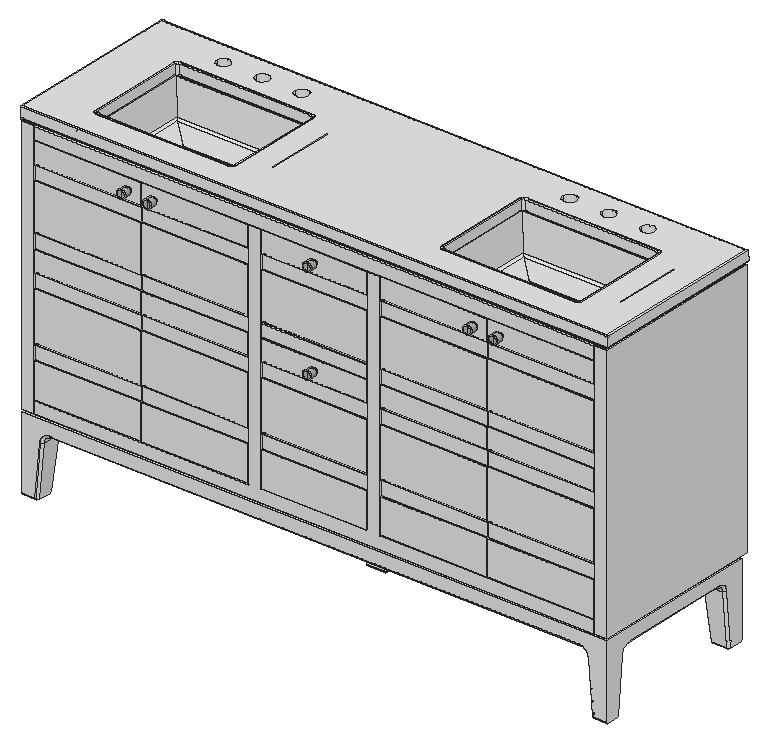
Revit family "Furniture-Floor_Mount-Vanity-KOHLER-HELST-K-33527_1", category Plumbing Fixtures, host Face, Revit 2017 (continued)
Definition of nested family "K-33527"
  Lines and regions (in)
    Masking region 1
      outline origin (0, 0, 0) x (1, 0, 0) y (0, 1, 0)
        loop
          arc (0.4180183, -9.2396186) -> (0.4125924, -9.2255363) -> (0.3996275, -9.2178124) r 0.0230929
          arc (0.3996275, -9.2178124) -> (0.3637852, -9.2026316) -> (0.3364729, -9.1748977) r 0.0998306
          arc (0.3364729, -9.1748977) -> (0.2997522, -9.1022125) -> (0.2803681, -9.0231189) r 0.358791
          line (0.2803681, -9.0231189) -> (16.1355485, -9.0231189)
          arc (16.1355485, -9.0231189) -> (16.1161644, -9.1022125) -> (16.0794437, -9.1748977) r 0.358791
          arc (16.0794437, -9.1748977) -> (16.0521314, -9.2026316) -> (16.0162891, -9.2178124) r 0.0998306
          arc (16.0162891, -9.2178124) -> (16.0033242, -9.2255363) -> (15.9978983, -9.2396186) r 0.0230929
          line (15.9978983, -9.2396186) -> (15.9751573, -9.8908358)
          arc (15.9751573, -9.8908358) -> (15.9866628, -9.9208088) -> (16.016216, -9.9333534) r 0.0410838
          line (16.016216, -9.9333534) -> (16.8172873, -9.9333534)
          arc (16.8172873, -9.9333534) -> (16.8468405, -9.9208088) -> (16.8583461, -9.8908358) r 0.0410838
          line (16.8583461, -9.8908358) -> (16.8356051, -9.2396186)
          arc (16.8356051, -9.2396186) -> (16.8301791, -9.2255363) -> (16.8172142, -9.2178124) r 0.0230929
          arc (16.8172142, -9.2178124) -> (16.7813719, -9.2026316) -> (16.7540596, -9.1748977) r 0.0998306
          arc (16.7540596, -9.1748977) -> (16.717339, -9.1022125) -> (16.6979548, -9.0231189) r 0.358791
          line (16.6979548, -9.0231189) -> (18.77338, -9.0231189)
          arc (18.77338, -9.0231189) -> (18.7539959, -9.1022125) -> (18.7172753, -9.1748977) r 0.358791
          arc (18.7172753, -9.1748977) -> (18.689963, -9.2026316) -> (18.6541207, -9.2178124) r 0.0998306
          arc (18.6541207, -9.2178124) -> (18.6411557, -9.2255363) -> (18.6357298, -9.2396186) r 0.0230929
          line (18.6357298, -9.2396186) -> (18.6129888, -9.8908358)
          arc (18.6129888, -9.8908358) -> (18.6244944, -9.9208088) -> (18.6540476, -9.9333534) r 0.0410838
          line (18.6540476, -9.9333534) -> (19.4551189, -9.9333534)
          arc (19.4551189, -9.9333534) -> (19.4846721, -9.9208088) -> (19.4961776, -9.8908358) r 0.0410838
          line (19.4961776, -9.8908358) -> (19.4734366, -9.2396186)
          arc (19.4734366, -9.2396186) -> (19.4680107, -9.2255363) -> (19.4550458, -9.2178124) r 0.0230929
          arc (19.4550458, -9.2178124) -> (19.4192034, -9.2026316) -> (19.3918912, -9.1748977) r 0.0998306
          arc (19.3918912, -9.1748977) -> (19.3551705, -9.1022125) -> (19.3357864, -9.0231189) r 0.358791
          line (19.3357864, -9.0231189) -> (30.0768962, -9.0231189) -> (30.0768962, 9.0231191) -> (-30.0768785, 9.0231191)
    Masking region 2
      outline origin (0, 0, 0) x (1, 0, 0) y (0, 0, 1)
        loop
          line (28.7865175, 0) -> (29.5852695, 0)
          arc (29.5852695, 0) -> (29.6589136, 0.0371246) -> (29.6750645, 0.118) r 0.0941452
          line (29.6750645, 0.118) -> (29.9999924, 0.118) -> (29.9999924, 7.7164252) -> (29.7637722, 7.7164252) -> (29.7637722, 7.9524252) -> (29.9999927, 7.9524252) -> (29.9999927, 34.3697047) -> (29.7865879, 34.3697047) -> (29.7865879, 34.6059252) -> (29.9738062, 34.6059252)
          arc (29.9738062, 34.6059252) -> (30.047369, 34.6367726) -> (30.0769279, 34.7108626) r 0.1031374
          line (30.0769279, 34.7108626) -> (30.0599806, 35.6817699)
          arc (30.0599806, 35.6817699) -> (30.0279561, 35.7563089) -> (29.9528697, 35.7870276) r 0.1071272
          line (29.9528697, 35.7870276) -> (-29.9526963, 35.7870276)
          arc (-29.9526963, 35.7870276) -> (-30.0279064, 35.7562583) -> (-30.0599836, 35.6815966) r 0.1073037
          line (-30.0599836, 35.6815966) -> (-30.0769279, 34.7108626)
          arc (-30.0769279, 34.7108626) -> (-30.047369, 34.6367726) -> (-29.9738062, 34.6059252) r 0.1031374
          line (-29.9738062, 34.6059252) -> (-29.7865879, 34.6059252) -> (-29.7865879, 34.3697047) -> (-29.9999927, 34.3697047) -> (-29.9999927, 7.9524252) -> (-29.7637722, 7.9524252) -> (-29.7637722, 7.7164252) -> (-29.9999927, 7.7164252) -> (-29.9999927, 0.118) -> (-29.6731486, 0.118)
          arc (-29.6731486, 0.118) -> (-29.6564327, 0.0361896) -> (-29.581182, 0) r 0.0939506
          line (-29.581182, 0) -> (-28.7842999, 0)
          arc (-28.7842999, 0) -> (-28.7090492, 0.0361896) -> (-28.6923333, 0.118) r 0.0939506
          line (-28.6923333, 0.118) -> (-28.330499, 0.118) -> (-27.860983, 5.4845927)
          arc (-27.860983, 5.4845927) -> (-27.6204589, 5.9723272) -> (-27.1136173, 6.1694272) r 0.7502205
          line (-27.1136173, 6.1694272) -> (-1.0036188, 6.1694272) -> (-1.0036188, 0.2360025) -> (-0.885793, 0.1181767) -> (-0.4901084, 0.1181767)
          arc (-0.4901084, 0.1181767) -> (-0.4712981, 0.0361382) -> (-0.3952838, 0) r 0.0965898
          line (-0.3952838, 0) -> (0.3971395, 0)
          arc (0.3971395, 0) -> (0.4722196, 0.0366689) -> (0.4906072, 0.1181767) r 0.0965898
          line (0.4906072, 0.1181767) -> (0.8864206, 0.1181767) -> (1.0042562, 0.2360123) -> (1.0042562, 6.1694272) -> (27.0952791, 6.1694272)
          arc (27.0952791, 6.1694272) -> (27.5959973, 5.9747085) -> (27.8336155, 5.4928664) r 0.7411568
          line (27.8336155, 5.4928664) -> (28.3038554, 0.118) -> (28.6941715, 0.118)
          arc (28.6941715, 0.118) -> (28.7103224, 0.0371246) -> (28.7839666, 0) r 0.0941452
    Masking region 3
      outline origin (0, 0, 0) x (0, 1, 0) y (0, 0, 1)
        loop
          line (8.9024122, 35.7850433) -> (-8.9094489, 35.7850433)
          arc (-8.9094489, 35.7850433) -> (-8.9771859, 35.7573314) -> (-9.0060758, 35.6900883) r 0.0966416
          line (-9.0060758, 35.6900883) -> (-9.023145, 34.7121923)
          arc (-9.023145, 34.7121923) -> (-8.9932116, 34.6371635) -> (-8.9187166, 34.6059252) r 0.1044443
          line (-8.9187166, 34.6059252) -> (-8.7328282, 34.6059252) -> (-8.7328282, 34.3697047) -> (-8.9690487, 34.3697047) -> (-8.9690487, 32.2044305)
          arc (-8.9690487, 32.2044305) -> (-9.041778, 32.2132384) -> (-9.1125109, 32.2323167) r 0.5129809
          arc (-9.1125109, 32.2323167) -> (-9.1478684, 32.2480926) -> (-9.1800577, 32.2696072) r 0.2286825
          arc (-9.1800577, 32.2696072) -> (-9.2039018, 32.2962523) -> (-9.2177013, 32.3292384) r 0.1076304
          arc (-9.2177013, 32.3292384) -> (-9.225764, 32.3422143) -> (-9.2400531, 32.347618) r 0.023806
          line (-9.2400531, 32.347618) -> (-9.8922674, 32.3703938)
          arc (-9.8922674, 32.3703938) -> (-9.9214161, 32.3592047) -> (-9.9336156, 32.3304643) r 0.0399538
          line (-9.9336156, 32.3304643) -> (-9.9336156, 31.9287598) -> (-9.9336156, 31.5270554)
          arc (-9.9336156, 31.5270554) -> (-9.9214161, 31.498315) -> (-9.8922674, 31.4871259) r 0.0399538
          line (-9.8922674, 31.4871259) -> (-9.2400531, 31.5099017)
          arc (-9.2400531, 31.5099017) -> (-9.225764, 31.5153054) -> (-9.2177013, 31.5282813) r 0.023806
          arc (-9.2177013, 31.5282813) -> (-9.2039018, 31.5612674) -> (-9.1800577, 31.5879125) r 0.1076304
          arc (-9.1800577, 31.5879125) -> (-9.1478684, 31.609427) -> (-9.1125109, 31.625203) r 0.2286825
          arc (-9.1125109, 31.625203) -> (-9.041778, 31.6442813) -> (-8.9690487, 31.6530892) r 0.5129809
          line (-8.9690487, 31.6530892) -> (-8.9690487, 22.282491)
          arc (-8.9690487, 22.282491) -> (-9.041778, 22.2912989) -> (-9.1125109, 22.3103772) r 0.5129809
          arc (-9.1125109, 22.3103772) -> (-9.1478684, 22.3261531) -> (-9.1800577, 22.3476677) r 0.2286825
          arc (-9.1800577, 22.3476677) -> (-9.2039018, 22.3743128) -> (-9.2177013, 22.4072989) r 0.1076304
          arc (-9.2177013, 22.4072989) -> (-9.225764, 22.4202748) -> (-9.2400531, 22.4256785) r 0.023806
          line (-9.2400531, 22.4256785) -> (-9.8922674, 22.4484543)
          arc (-9.8922674, 22.4484543) -> (-9.9214161, 22.4372652) -> (-9.9336156, 22.4085248) r 0.0399538
          line (-9.9336156, 22.4085248) -> (-9.9336156, 22.0068203) -> (-9.9336156, 21.6051158)
          arc (-9.9336156, 21.6051158) -> (-9.9214161, 21.5763755) -> (-9.8922674, 21.5651863) r 0.0399538
          line (-9.8922674, 21.5651863) -> (-9.2400531, 21.5879622)
          arc (-9.2400531, 21.5879622) -> (-9.225764, 21.5933659) -> (-9.2177013, 21.6063418) r 0.023806
          arc (-9.2177013, 21.6063418) -> (-9.2039018, 21.6393278) -> (-9.1800577, 21.665973) r 0.1076304
          arc (-9.1800577, 21.665973) -> (-9.1478684, 21.6874875) -> (-9.1125109, 21.7032635) r 0.2286825
          arc (-9.1125109, 21.7032635) -> (-9.041778, 21.7223418) -> (-8.9690487, 21.7311497) r 0.5129809
          line (-8.9690487, 21.7311497) -> (-8.9690487, 7.9524252) -> (-8.7081337, 7.9524252) -> (-8.7081337, 7.7164252) -> (-8.9690487, 7.7164252) -> (-8.9690487, 0.236) -> (-8.8510487, 0.118) -> (-8.6410032, 0.118)
          arc (-8.6410032, 0.118) -> (-8.6270428, 0.0373732) -> (-8.5542498, 0) r 0.0916931
          line (-8.5542498, 0) -> (-7.7582674, 0)
          arc (-7.7582674, 0) -> (-7.6799317, 0.0342542) -> (-7.6627129, 0.118) r 0.0929499
          line (-7.6627129, 0.118) -> (-7.4433175, 0.118) -> (-7.3257665, 0.2257156) -> (-6.8622182, 5.5240972)
          arc (-6.8622182, 5.5240972) -> (-6.6246707, 6.0057959) -> (-6.1241014, 6.2004567) r 0.7409363
          line (-6.1241014, 6.2004567) -> (-0.9761324, 6.2004567) -> (-0.9761324, 0.2381214) -> (-0.8562121, 0.1182011) -> (-0.4632334, 0.1182011)
          arc (-0.4632334, 0.1182011) -> (-0.4458842, 0.0365798) -> (-0.3708846, 0) r 0.0951759
          line (-0.3708846, 0) -> (0.4289637, 0)
          arc (0.4289637, 0) -> (0.5003908, 0.0386445) -> (0.5166999, 0.1182011) r 0.0960808
          line (0.5166999, 0.1182011) -> (0.9160015, 0.1182011) -> (1.0317426, 0.2339422) -> (1.0317426, 6.2004567) -> (5.4217931, 6.2004567)
          arc (5.4217931, 6.2004567) -> (5.9284858, 6.0034147) -> (6.1689392, 5.5158235) r 0.75
          line (6.1689392, 5.5158235) -> (6.6317636, 0.2257156) -> (6.7493146, 0.118) -> (6.9682173, 0.118)
          arc (6.9682173, 0.118) -> (6.984082, 0.0374522) -> (7.0571366, 0) r 0.0941166
          line (7.0571366, 0) -> (7.8670504, 0)
          arc (7.8670504, 0) -> (7.9352396, 0.0400523) -> (7.9485847, 0.118) r 0.0938145
          line (7.9485847, 0.118) -> (8.1570458, 0.118) -> (8.2750458, 0.236) -> (8.2750458, 7.9524252) -> (8.9440182, 7.9524252) -> (8.9440182, 34.3697047) -> (8.7328284, 34.3697047) -> (8.7328284, 34.6059252) -> (8.9169339, 34.6059252)
          arc (8.9169339, 34.6059252) -> (8.9926785, 34.6376875) -> (9.0231141, 34.7139749) r 0.1061964
          line (9.0231141, 34.7139749) -> (9.0061988, 35.6830525)
          arc (9.0061988, 35.6830525) -> (8.9751682, 35.755278) -> (8.9024122, 35.7850433) r 0.1038024
    symbolic lines
      curve 1: arc (-21.0452369, 6.595383, 0) -> (-21.7373349, 5.903285, 0) -> (-22.4294329, 6.595383, 0) r 0.692098
      curve 2: arc (-22.4294329, 6.595383, 0) -> (-21.7373349, 7.287481, 0) -> (-21.0452369, 6.595383, 0) r 0.692098
      curve 3: arc (-17.0452369, 6.595383, 0) -> (-17.7373349, 5.903285, 0) -> (-18.4294329, 6.595383, 0) r 0.692098
      curve 4: arc (-18.4294329, 6.595383, 0) -> (-17.7373349, 7.287481, 0) -> (-17.0452369, 6.595383, 0) r 0.692098
      curve 5: arc (-13.0452369, 6.595383, 0) -> (-13.7373349, 5.903285, 0) -> (-14.4294329, 6.595383, 0) r 0.692098
      curve 6: arc (-14.4294329, 6.595383, 0) -> (-13.7373349, 7.287481, 0) -> (-13.0452369, 6.595383, 0) r 0.692098
      curve 7: line (-24.5708683, 4.3554042, 0) -> (-10.9022945, 4.3554042, 0)
      curve 8: line (-10.6874812, -5.871028, 0) -> (-10.6874812, 4.1405908, 0)
      curve 9: arc (-10.9022945, 4.3554042, 0) -> (-10.7503986, 4.2924868, 0) -> (-10.6874812, 4.1405908, 0) r 0.2148133
      curve 10: line (-24.5674907, -6.0885751, 0) -> (-10.9050283, -6.0885751, 0)
      curve 11: arc (-10.9050283, -6.0885751, 0) -> (-10.7511993, -6.024857, 0) -> (-10.6874812, -5.871028, 0) r 0.2175471
      curve 12: line (-24.7872896, -5.8687762, 0) -> (-24.7872896, 4.1389828, 0)
      curve 13: arc (-24.7872896, 4.1389828, 0) -> (-24.7239013, 4.2920158, 0) -> (-24.5708683, 4.3554042, 0) r 0.2164213
      curve 14: arc (-24.7872896, -5.8687762, 0) -> (-24.722912, -6.0241975, 0) -> (-24.5674907, -6.0885751, 0) r 0.2197989
      curve 20: arc (14.4313256, 6.595383, 0) -> (13.7392276, 5.903285, 0) -> (13.0471296, 6.595383, 0) r 0.692098
      curve 21: arc (13.0471296, 6.595383, 0) -> (13.7392276, 7.287481, 0) -> (14.4313256, 6.595383, 0) r 0.692098
      curve 22: arc (18.4313256, 6.595383, 0) -> (17.7392276, 5.903285, 0) -> (17.0471296, 6.595383, 0) r 0.692098
      curve 23: arc (17.0471296, 6.595383, 0) -> (17.7392276, 7.287481, 0) -> (18.4313256, 6.595383, 0) r 0.692098
      curve 24: arc (22.4313256, 6.595383, 0) -> (21.7392276, 5.903285, 0) -> (21.0471296, 6.595383, 0) r 0.692098
      curve 25: arc (21.0471296, 6.595383, 0) -> (21.7392276, 7.287481, 0) -> (22.4313256, 6.595383, 0) r 0.692098
      curve 26: line (10.9056942, 4.3554042, 0) -> (24.574268, 4.3554042, 0)
      curve 27: line (24.7890813, -5.871028, 0) -> (24.7890813, 4.1405908, 0)
      curve 28: arc (24.574268, 4.3554042, 0) -> (24.7261639, 4.2924868, 0) -> (24.7890813, 4.1405908, 0) r 0.2148133
      curve 29: line (10.9090718, -6.0885751, 0) -> (24.5715342, -6.0885751, 0)
      curve 30: arc (24.5715342, -6.0885751, 0) -> (24.7253632, -6.024857, 0) -> (24.7890813, -5.871028, 0) r 0.2175471
      curve 31: line (10.6892729, -5.8687762, 0) -> (10.6892729, 4.1389828, 0)
      curve 32: arc (10.6892729, 4.1389828, 0) -> (10.7526612, 4.2920158, 0) -> (10.9056942, 4.3554042, 0) r 0.2164213
      curve 33: arc (10.6892729, -5.8687762, 0) -> (10.7536505, -6.0241975, 0) -> (10.9090718, -6.0885751, 0) r 0.2197989
      curve 157: circle (-17.7369592, -0.9760742, 0) r 1.4784686 normal (0, 0, -1)
      curve 160: circle (17.7327679, -0.9765625, 0) r 1.4784686 normal (0, 0, -1)
    symbolic lines, detail levels medium+fine
      curve 15: line (-19.3357864, -9.0231189, 0) -> (-18.77338, -9.0231189, 0)
      curve 16: line (-16.6979548, -9.0231189, 0) -> (-16.1355485, -9.0231189, 0)
      curve 17: line (-0.2820382, -9.0231189, 0) -> (0.2803681, -9.0231189, 0)
      curve 18: line (16.1355485, -9.0231189, 0) -> (16.6979548, -9.0231189, 0)
      curve 19: line (18.77338, -9.0231189, 0) -> (19.3357864, -9.0231189, 0)
      curve 34: line (-29.7865879, 0, 34.6059252) -> (29.9709789, 0, 34.6059252)
      curve 35: line (29.9999924, 0, 34.3697047) -> (-29.7865879, 0, 34.3697047)
      curve 36: line (-28.7401502, 0, 34.3697047) -> (-28.7401502, 0, 7.9524252)
      curve 37: line (-28.6416956, 0, 33.1098622) -> (-28.6416956, 0, 34.3697047)
      curve 38: line (28.6417564, 0, 33.1098622) -> (-28.6416956, 0, 33.1098622)
      curve 39: line (-28.641725, 0, 33.011437) -> (-17.7952683, 0, 33.011437)
      curve 40: line (-28.641725, 0, 9.3106496) -> (-28.641725, 0, 33.011437)
      curve 41: line (5.3735664, 0, 30.8460827) -> (-5.3744336, 0, 30.8460827)
      curve 42: line (-28.641725, 0, 29.3500197) -> (-17.7952683, 0, 29.3500197)
      curve 43: line (5.3735664, 0, 24.5665551) -> (-5.3744336, 0, 24.5665551)
      curve 44: line (-28.641725, 0, 23.0704921) -> (-17.7952683, 0, 23.0704921)
      curve 45: line (5.3735664, 0, 20.9248228) -> (-5.3744336, 0, 20.9248228)
      curve 46: line (-28.641725, 0, 19.4287598) -> (-17.7952683, 0, 19.4287598)
      curve 47: line (5.3735664, 0, 14.3697047) -> (-5.3744336, 0, 14.3697047)
      curve 48: line (-28.641725, 0, 12.8736417) -> (-17.7952683, 0, 12.8736417)
      curve 49: line (5.3735664, 0, 9.3106496) -> (-5.3744336, 0, 9.3106496)
      curve 50: line (-29.7637722, 0, 7.9524252) -> (29.7637719, 0, 7.9524252)
      curve 51: line (29.7637719, 0, 7.7164252) -> (-29.7637722, 0, 7.7164252)
      curve 52: line (27.0952791, 0, 6.4450177) -> (-27.1136173, 0, 6.4450177)
      curve 53: arc (-27.1136173, 0, 6.4450177) -> (-27.8066452, 0, 6.1755139) -> (-28.1355248, 0, 5.508612) r 1.025811
      curve 54: line (-28.1355248, 0, 5.508612) -> (-28.5999572, 0, 0.200126)
      curve 55: line (-29.9999927, 0, 0.236) -> (-28.5968186, 0, 0.236)
      curve 56: line (-28.5247026, 0, 0.118) -> (-28.5999572, 0, 0.200126)
      curve 57: line (-28.6929785, 0, 0.118) -> (-29.6731486, 0, 0.118)
      curve 58: line (-17.7952683, 0, 33.011437) -> (-17.7952683, 0, 9.3106496)
      curve 59: line (-17.677158, 0, 9.3106496) -> (-17.677158, 0, 33.011437)
      curve 60: circle (-19.054536, 0, 31.9287598) r 0.442442 normal (0, 1, 0)
      curve 61: circle (-16.4163029, 0, 31.9287598) r 0.442442 normal (0, 1, 0)
      curve 62: circle (0.0055721, 0, 31.9287598) r 0.442442 normal (0, 1, 0)
      curve 63: circle (19.054536, 0, 31.9287598) r 0.442442 normal (0, -1, 0)
      curve 64: circle (16.4163029, 0, 31.9287598) r 0.442442 normal (0, -1, 0)
      curve 65: circle (0.0055721, 0, 22.0069199) r 0.442442 normal (0, 1, 0)
      curve 66: arc (28.1081574, 0, 5.5168857) -> (27.7821836, 0, 6.1778951) -> (27.0952791, 0, 6.4450177) r 1.0167473
      curve 67: line (28.5733136, 0, 0.200126) -> (28.1081574, 0, 5.5168857)
      curve 68: line (28.570175, 0, 0.236) -> (29.9999924, 0, 0.236)
      curve 69: line (28.5733136, 0, 0.200126) -> (28.498059, 0, 0.118)
      curve 70: line (29.6743416, 0, 0.118) -> (28.6941715, 0, 0.118)
      curve 71: line (-28.66141, 0, 9.2122677) -> (5.4724333, 0, 9.2122677)
      curve 72: line (5.4724333, 0, 33.0317087) -> (5.4724333, 0, 9.2122677)
      curve 73: line (5.3735664, 0, 33.011437) -> (5.3735664, 0, 24.5468701)
      curve 74: line (-6.8307013, 0, 33.011437) -> (-6.8307013, 0, 9.3106496)
      curve 75: line (-6.7322761, 0, 33.0317087) -> (-6.7322761, 0, 9.2122677)
      curve 76: line (-5.4724336, 0, 24.1179771) -> (-5.4724336, 0, 33.0317087)
      curve 77: line (-5.3744336, 0, 24.5468701) -> (-5.3744336, 0, 33.011437)
      curve 78: line (5.3735664, 0, 24.4482913) -> (-5.3744336, 0, 24.4482913)
      curve 79: line (-5.3744336, 0, 23.1884488) -> (-5.3744336, 0, 24.4482913)
      curve 80: line (-5.3744336, 0, 23.1884488) -> (5.3735664, 0, 23.1884488)
      curve 81: line (-5.4724336, 0, 9.2122677) -> (-5.4724336, 0, 24.1179771)
      curve 82: line (5.3735664, 0, 24.4482913) -> (5.3735664, 0, 23.1884488)
      curve 83: line (5.3735664, 0, 23.0901772) -> (5.3735664, 0, 9.3106496)
      curve 84: line (-17.7952683, 0, 20.9248228) -> (-28.641725, 0, 20.9248228)
      curve 85: line (-17.7952683, 0, 24.5665551) -> (-28.641725, 0, 24.5665551)
      curve 86: line (-17.677158, 0, 23.0704921) -> (-6.8307013, 0, 23.0704921)
      curve 87: line (-17.677158, 0, 29.3500197) -> (-6.8307013, 0, 29.3500197)
      curve 88: line (-17.7952683, 0, 30.8460827) -> (-28.641725, 0, 30.8460827)
      curve 89: line (-17.7952683, 0, 14.3697047) -> (-28.641725, 0, 14.3697047)
      curve 90: line (-17.677158, 0, 12.8736417) -> (-6.8307013, 0, 12.8736417)
      curve 91: line (-28.66141, 0, 7.9524252) -> (-28.66141, 0, 9.2122677)
      curve 92: line (-17.7952683, 0, 9.3106496) -> (-28.641725, 0, 9.3106496)
      curve 93: line (-17.677158, 0, 19.4287598) -> (-6.8307013, 0, 19.4287598)
      curve 94: line (-6.8307013, 0, 30.8460827) -> (-17.677158, 0, 30.8460827)
      curve 95: line (-5.3744336, 0, 29.3500197) -> (5.3735664, 0, 29.3500197)
      curve 96: line (-6.8307013, 0, 24.5665551) -> (-17.677158, 0, 24.5665551)
      curve 97: line (-5.3744336, 0, 23.0704921) -> (5.3735664, 0, 23.0704921)
      curve 98: line (-6.8307013, 0, 20.9248228) -> (-17.677158, 0, 20.9248228)
      curve 99: line (-6.8307013, 0, 14.3697047) -> (-17.677158, 0, 14.3697047)
      curve 100: line (-5.3744336, 0, 12.8736417) -> (5.3735664, 0, 12.8736417)
      curve 101: line (-6.8307013, 0, 9.3106496) -> (-17.677158, 0, 9.3106496)
      curve 102: line (-5.4724336, 0, 9.3106496) -> (-6.7322761, 0, 9.3106496)
      curve 103: line (-5.3744336, 0, 9.3106496) -> (-5.3744336, 0, 23.0901772)
      curve 104: line (-6.7322761, 0, 33.0317087) -> (-5.4724336, 0, 33.0317087)
      curve 105: line (-17.677158, 0, 33.011437) -> (-6.8307013, 0, 33.011437)
      curve 106: line (-5.3744336, 0, 33.011437) -> (5.3735664, 0, 33.011437)
      curve 107: line (-5.3744336, 0, 19.4287598) -> (5.3735664, 0, 19.4287598)
      curve 108: line (28.7401502, 0, 34.3697047) -> (28.7401502, 0, 7.9524252)
      curve 109: line (28.641725, 0, 33.011437) -> (17.7952683, 0, 33.011437)
      curve 110: line (28.641725, 0, 9.3106496) -> (28.641725, 0, 33.011437)
      curve 111: line (28.641725, 0, 29.3500197) -> (17.7952683, 0, 29.3500197)
      curve 112: line (28.641725, 0, 23.0704921) -> (17.7952683, 0, 23.0704921)
      curve 113: line (28.641725, 0, 19.4287598) -> (17.7952683, 0, 19.4287598)
      curve 114: line (28.641725, 0, 12.8736417) -> (17.7952683, 0, 12.8736417)
      curve 115: line (17.7952683, 0, 33.011437) -> (17.7952683, 0, 9.3106496)
      curve 116: line (17.677158, 0, 9.3106496) -> (17.677158, 0, 33.011437)
      curve 117: circle (19.054536, 0, 31.9287598) r 0.442442 normal (0, -1, 0)
      curve 118: circle (16.4163029, 0, 31.9287598) r 0.442442 normal (0, -1, 0)
      curve 119: line (28.66141, 0, 9.2122677) -> (6.7322758, 0, 9.2122677)
      curve 120: line (6.8307013, 0, 33.011437) -> (6.8307013, 0, 9.3106496)
      curve 121: line (6.7322761, 0, 33.0317087) -> (6.7322761, 0, 9.2122677)
      curve 122: line (17.7952683, 0, 20.9248228) -> (28.641725, 0, 20.9248228)
      curve 123: line (17.7952683, 0, 24.5665551) -> (28.641725, 0, 24.5665551)
      curve 124: line (17.677158, 0, 23.0704921) -> (6.8307013, 0, 23.0704921)
      curve 125: line (17.677158, 0, 29.3500197) -> (6.8307013, 0, 29.3500197)
      curve 126: line (17.7952683, 0, 30.8460827) -> (28.641725, 0, 30.8460827)
      curve 127: line (17.7952683, 0, 14.3697047) -> (28.641725, 0, 14.3697047)
      curve 128: line (17.677158, 0, 12.8736417) -> (6.8307013, 0, 12.8736417)
      curve 129: line (28.66141, 0, 7.9524252) -> (28.66141, 0, 9.2122677)
      curve 130: line (17.7952683, 0, 9.3106496) -> (28.641725, 0, 9.3106496)
      curve 131: line (17.677158, 0, 19.4287598) -> (6.8307013, 0, 19.4287598)
      curve 132: line (6.8307013, 0, 30.8460827) -> (17.677158, 0, 30.8460827)
      curve 133: line (6.8307013, 0, 24.5665551) -> (17.677158, 0, 24.5665551)
      curve 134: line (6.8307013, 0, 20.9248228) -> (17.677158, 0, 20.9248228)
      curve 135: line (6.8307013, 0, 14.3697047) -> (17.677158, 0, 14.3697047)
      curve 136: line (6.8307013, 0, 9.3106496) -> (17.677158, 0, 9.3106496)
      curve 137: line (17.677158, 0, 33.011437) -> (6.8307013, 0, 33.011437)
      curve 138: line (5.4724333, 0, 33.0317087) -> (6.7322761, 0, 33.0317087)
      curve 139: line (-1.0036188, 0, 6.1694272) -> (1.0042562, 0, 6.1694272)
      curve 140: line (0, 8.7328284, 34.6059252) -> (0, -8.7328282, 34.6059252)
      curve 141: line (0, 8.7328284, 34.3699252) -> (0, -8.7328282, 34.3699252)
      curve 142: line (0, -8.9690487, 31.6530892) -> (0, -8.9690487, 32.2044305)
      curve 143: line (0, -8.9690487, 21.7311497) -> (0, -8.9690487, 22.282491)
      curve 144: line (0, 8.2750458, 7.9524252) -> (0, -8.7081337, 7.9524252)
      curve 145: line (0, -8.7081337, 7.7164252) -> (0, 8.2750458, 7.7164252)
      curve 146: line (0, 6.870998, 0.118) -> (0, 6.3949603, 5.5591368)
      curve 147: arc (0, 6.3949603, 5.5591368) -> (0, 6.0893134, 6.1789273) -> (0, 5.4452425, 6.4293927) r 0.9533455
      curve 148: line (0, 5.4452425, 6.4293927) -> (0, -6.1089719, 6.4293927)
      curve 149: arc (0, -6.1089719, 6.4293927) -> (0, -6.7753628, 6.1702475) -> (0, -7.0916017, 5.5289784) r 0.9863833
      curve 150: line (0, -7.0916017, 5.5289784) -> (0, -7.565001, 0.118)
      curve 151: line (0, -8.6575841, 0.118) -> (0, -7.6626679, 0.118)
      curve 152: line (0, 7.9485812, 0.118) -> (0, 6.968411, 0.118)
      curve 153: line (0, 1.0317251, 6.2004567) -> (0, -0.9761499, 6.2004567)
      curve 154: line (28.6417564, 0, 33.1098622) -> (28.6417564, 0, 34.3697047)
      curve 155: circle (-17.7369592, -0.9760742, 0) r 1.0317427 normal (0, 0, -1)
      curve 156: circle (-17.7369592, -0.9760742, 0) r 1.3431814 normal (0, 0, -1)
      curve 158: circle (17.7327679, -0.9765625, 0) r 1.0317427 normal (0, 0, -1)
      curve 159: circle (17.7327679, -0.9765625, 0) r 1.3431814 normal (0, 0, -1)
      curve 161: line (24.6875188, -5.871028, 0) -> (24.6875188, 4.1405908, 0)
      curve 162: arc (24.574268, 4.2538417, 0) -> (24.6543484, 4.2206713, 0) -> (24.6875188, 4.1405908, 0) r 0.1132508
      curve 163: line (10.9056942, 4.2538417, 0) -> (24.574268, 4.2538417, 0)
      curve 164: arc (10.7908354, 4.1389828, 0) -> (10.8244768, 4.2202003, 0) -> (10.9056942, 4.2538417, 0) r 0.1148588
      curve 165: line (10.7908354, -5.8687762, 0) -> (10.7908354, 4.1389828, 0)
      curve 166: arc (10.7908354, -5.8687762, 0) -> (10.825466, -5.952382, 0) -> (10.9090718, -5.9870126, 0) r 0.1182364
      curve 167: line (10.9090718, -5.9870126, 0) -> (24.5715342, -5.9870126, 0)
      curve 168: arc (24.5715342, -5.9870126, 0) -> (24.6535477, -5.9530415, 0) -> (24.6875188, -5.871028, 0) r 0.1159846
      curve 169: line (-10.7890437, -5.871028, 0) -> (-10.7890437, 4.1405908, 0)
      curve 170: arc (-10.9050283, -5.9870126, 0) -> (-10.8230148, -5.9530415, 0) -> (-10.7890437, -5.871028, 0) r 0.1159846
      curve 171: line (-24.5674907, -5.9870126, 0) -> (-10.9050283, -5.9870126, 0)
      curve 172: arc (-24.6857271, -5.8687762, 0) -> (-24.6510965, -5.952382, 0) -> (-24.5674907, -5.9870126, 0) r 0.1182364
      curve 173: line (-24.6857271, -5.8687762, 0) -> (-24.6857271, 4.1389828, 0)
      curve 174: arc (-24.6857271, 4.1389828, 0) -> (-24.6520857, 4.2202003, 0) -> (-24.5708683, 4.2538417, 0) r 0.1148588
      curve 175: line (-24.5708683, 4.2538417, 0) -> (-10.9022945, 4.2538417, 0)
      curve 176: arc (-10.9022945, 4.2538417, 0) -> (-10.8222141, 4.2206713, 0) -> (-10.7890437, 4.1405908, 0) r 0.1132508
      curve 177: line (-0.4901084, 0, 0.1181767) -> (0.4906072, 0, 0.1181767)
      curve 178: line (-1.0036188, 0, 0.2360025) -> (1.0042562, 0, 0.2360123)
      curve 179: line (0, 0.5166999, 0.1182011) -> (0, -0.4632334, 0.1182011)
      curve 180: line (0, 1.0317426, 0.2339422) -> (0, -0.9761324, 0.2381214)
  Dimensions and locks (in)
    plane 45 to plane 99 = 13.11024"
    plane 4 to plane 109 "cc" = 10"
    plane 45 to plane 110 = 7.3622"
    plane 45 to plane 111 = 7.3622"
    aligned and locked: plane 2 to level
Types (3): name | Type | Model | Finish
  (no name) | 1 | "K-33527-ASB-0" | Kohler-Wood-Molded-0-White
  0- White | 1 | "K-33527-ASB-0" | Kohler-Wood-Molded-0-White
  1WT- Mohair Grey | 2 | "K-33527-ASB-1WT" | Kohler-Wood-1WT-Mohair_Grey
